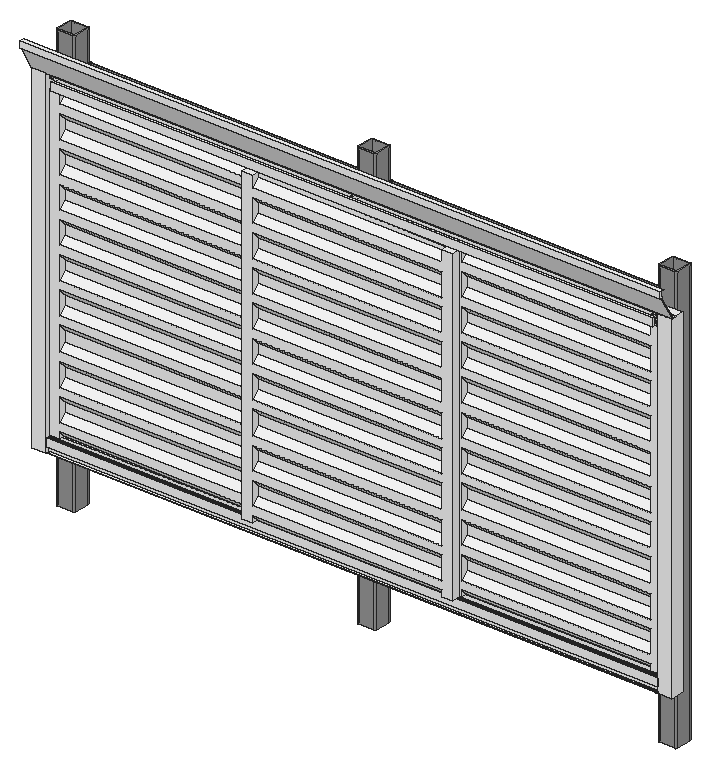
Revit family "Specialty_Equipment-Roof_Screen-Cityscapes-Envisor_4x4 Beam", category Specialty Equipment, Revit 2023
Family settings
  Round Connector Dimension = Use Diameter
  Part Type = Normal
  OmniClass Number = 23.40.10.14.14
  OmniClass Title = Manufactured Exterior Specialties
  Enable Cutting in Views = No
  Cut with Voids When Loaded = No
  Maintain Annotation Orientation = No
  Shared = No
  Room Calculation Point = No
Parameters (values of type "Envisor - 4x4 Beams")
  URL = "https://cityscapesinc.com"
  Type Comments = "ACRYLICAP ABS INFILLS"  # constant formula
  Model = if(CD_Panel 7.2 Rib, "Envisor with 7.2 Rib Panels", if(CD_Panel Batten, "Envisor with Batten Panels", if(CD_Panel Brick, "Envisor with Brick Panels", if(CD_Panel Flat, "Envisor with Flat Panels", if(CD_Panel Horizontal Rib, "Envisor with Horizontal Panels", if(CD_Panel Louver, "Envisor with Louver Panels", if(CD_Panel Vertical Rib, "Envisor with Vertical Rib Panels", "Envisor System")))))))  # "Envisor with 7.2 Rib Panels"
  Manufacturer = "Cityscapes Incorporated"  # constant formula
  built-in parameter 1001306 [instance] = 150.000"
  Description = "Envisor Screening Systems"  # constant formula
  Default Elevation = 0.000"  # constant formula
  CD_Vertical Beam Spacing [instance] = if(((CD_Length - 2.250") / CD_Number of Vertical Beams) > 96.000", 96.000", ((CD_Length - 2.250") / CD_Number of Vertical Beams))  # 64.375"
  CD_Trim Style = Cityscapes-Trims : Alamo Trim
  CD_Trim Lineal Band = Cityscapes-Trims : Lineal Band Trim
  CD_Trim Height [instance] = if(CD_Trim Style = CD_Trim 2 Step, 5.500", if(CD_Trim Style = CD_Trim 3 Step, 8.000", if(CD_Trim Style = CD_Trim Alamo, 6.500", if(CD_Trim Style = CD_Trim Cove, 6.500", 0.000"))))  # 6.500"
  CD_Trim Cove = Cityscapes-Trims : Cove Trim
  CD_Trim Alamo = Cityscapes-Trims : Alamo Trim
  CD_Trim 3 Step = Cityscapes-Trims : 3 Step Trim
  CD_Trim 2 Step = Cityscapes-Trims : 2 Step Trim
  CD_Support Offset = 40.063"  # constant formula
  CD_Support Height = CD_Panel Height + 2.520"  # 72.520"
  CD_Right Trim Offset [instance] = if(and(CD_Right Corner, CD_Trim Style = CD_Trim 2 Step), 4.386", if(and(CD_Right Corner, CD_Trim Style = CD_Trim 3 Step), 5.136", if(and(CD_Right Corner, CD_Trim Style = CD_Trim Alamo), 6.101", if(and(CD_Right Corner, CD_Trim Style = CD_Trim Cove), 6.851", if(and(CD_Right Corner, CD_Trim Style = CD_Trim Lineal Band), 3.636", 2.950")))))  # 2.950"
  CD_Right Track Offset [instance] = if(CD_Right Corner, 3.000", 0.000")  # 0.000"
  CD_Right Post Offset [instance] = if(or(CD_Right Corner, CD_Left Corner), CD_Trim Height, 0.000")  # 0.000"
  CD_Right Post Base Offset [instance] = if(CD_Right Corner, 2.855", 0.000")  # 0.000"
  CD_Right Corner [instance] = no
  CD_Right Beam [instance] = not(CD_Right Corner)  # yes
  CD_Requested Length [instance] = [built-in parameter 1001306]  # 150.000"
  CD_Product Page URL = "https://cityscapesinc.com/products/envisor"
  CD_Product Documentation Link = "https://9415688.fs1.hubspotusercontent-na1.net/hubfs/9415688/Envisor-Brochure-web-20220428.pdf"
  CD_Panel Vertical Rib = no
  CD_Panel Louver = no
  CD_Panel Horizontal Rib = no
  CD_Panel Flat = no
  CD_Panel Brick = no
  CD_Panel Batten = no
  CD_Panel 7.2 Rib = yes
  CD_Panel Spacing [instance] = (((CD_Number of Panels * 45.000") - ((CD_Number of Panels - 1) * 3.000"))) / CD_Number of Panels  # 43.000"
  CD_Panel Height = if([18in Panel Height], 18.000", if([35in Panel Height], 35.000", if([52in Panel Height], 52.000", 70.000")))  # 70.000"
  CD_Odd Panel Single Vis [instance] = CD_Number of Odd Panels = 1  # no
  CD_Odd Panel Array Vis [instance] = CD_Number of Odd Panels > 1  # yes
  CD_Number of Vertical Beams Array [instance] = if((CD_Number of Vertical Beams - 1) < 2, 2, (CD_Number of Vertical Beams - 1))  # 2
  CD_Number of Vertical Beams [instance] = roundup((((CD_Length - 2.250") / 96.000")))  # 2
  CD_Number of Panels [instance] = rounddown(CD_Requested Length / 45.000")  # 3
  CD_Number of Odd Panels [instance] = (CD_Number of Panels / 2)  # 2
  CD_Number of Horizontal Beams Array [instance] = if((CD_Number of Vertical Beams - 2) < 2, 2, (CD_Number of Vertical Beams - 2))  # 2
  CD_Number of Even Panels [instance] = CD_Number of Panels - CD_Number of Odd Panels  # 1
  CD_Microsite = "https://www.caddetails.com/2907"
  CD_Length [instance] = (CD_Number of Panels * 45.000") - ((CD_Number of Panels - 1) * 3.000") + CD_Calc  # 131.000"
  CD_Left Trim Offset [instance] = if(and(CD_Left Corner, CD_Trim Style = CD_Trim 2 Step), 4.386", if(and(CD_Left Corner, CD_Trim Style = CD_Trim 3 Step), 5.136", if(and(CD_Left Corner, CD_Trim Style = CD_Trim Alamo), 6.101", if(and(CD_Left Corner, CD_Trim Style = CD_Trim Cove), 6.851", if(and(CD_Left Corner, CD_Trim Style = CD_Trim Lineal Band), 3.636", 2.950")))))  # 2.950"
  CD_Left Track Offset [instance] = if(CD_Left Corner, 3.000", 0.000")  # 0.000"
  CD_Left Post Offset [instance] = if(or(CD_Right Corner, CD_Left Corner), CD_Trim Height, 0.000")  # 0.000"
  CD_Left Post Base Offset [instance] = if(CD_Left Corner, 2.855", 0.000")  # 0.000"
  CD_Left Corner [instance] = no
  CD_Left Beam [instance] = not(CD_Left Corner)  # yes
  CD_Horizontal Beams [instance] = yes
  CD_Horizontal Beam Final [instance] = if(and(CD_Horizontal Beams, CD_Number of Vertical Beams > 2, CD_Number of Horizontal Beams Array > 1), 1 = 1, 1 = 0)  # no
  CD_Height [instance] = CD_Panel Height + CD_Trim Height + CD_Curb Height + 2.773"  # 91.273"
  CD_Finish Trim = Plastic-Cityscapes-ABS-Alabaster
  CD_Finish Beam = Steel, Galvanized
  CD_Finish = Plastic-Cityscapes-ABS-Alabaster
  CD_Even Panel Single Vis [instance] = CD_Number of Even Panels = 1  # yes
  CD_Even Panel Array Vis [instance] = CD_Number of Even Panels > 1  # no
  CD_Depth = 3.60156"  # constant formula
  CD_Curb Height = 12.000"
  CD_Created By = "CADdetails Ltd. 2024"  # constant formula
  CD_Corner Brace Offset = CD_Curb Height + 0.125"  # 12.125"
  CD_Connection Point Visibility [instance] = yes
  CD_Calc [instance] = ((CD_Number of Panels - 1) * 3.000") / CD_Number of Panels  # 2.000"
  CD_Beam Array [instance] = if(CD_Number of Vertical Beams > 2, 1 = 1, 1 = 0)  # no
  CD_Acutal Number of Odd Panels [instance] = if(CD_Number of Odd Panels > 1, CD_Number of Odd Panels, 2)  # 2
  CD_Acutal Number of Even Panels [instance] = if(CD_Number of Even Panels > 1, CD_Number of Even Panels, 2)  # 2
  CD_3 Beam Horizontal [instance] = if(and(CD_3 Beam, CD_Horizontal Beams), 1 = 1, 1 = 0)  # yes
  CD_3 Beam [instance] = if(CD_Number of Vertical Beams = 2, 1 = 1, 1 = 0)  # yes
  Assembly Code = "E1010900"
  70in Panel Height = yes
  52in Panel Height = not(or([35in Panel Height], [18in Panel Height], [70in Panel Height]))  # no
  35in Panel Height = no
  18in Panel Height = no
Reference planes (in)
  plane 1 "Center (Front/Back)": y = 0
  plane 2 "Bottom": z = 0
  plane 3 "Left": x = 0
  plane 4 "Right": x = 150
  plane 5 "Back": y = 1.80078
  plane 6 "Front": y = -1.80078
  plane 7 "Top Sweep": z = 84.773
  plane 8 "Requested Length": x = 131
  plane 9 "Bottom Sweep": z = 12
  plane 10 "Top": z = 91.273
  plane 11 "Bottom Panel": z = 13.38504
  plane 12 "Top Panel": z = 83.38796
  plane 13: y = 1.46953
  plane 14: y = -0.63047
  plane 15: x = 43
  plane 16: x = 86
  plane 17: x = 129
  plane 18 "Top2": x = 131
  plane 19 "Top3": x = 0
  plane 20: x = 40.063
  plane 21: x = 90.937
  plane 22: y = -0.36386
  plane 23 "Top6": z = 12.12504
  plane 24 "Top12": x = 133.95
  plane 25 "Top13": x = -2.95
  plane 26 "beam 2": x = 65.5
  plane 27 "F beam": y = 2.65078
  plane 28 "cl beam": y = 4.65078
  plane 29 "beam 1": x = 1.125
  plane 30 "beam right": x = 129.875
  plane 31 "beam 3": x = 129.875
Forms (in)
  Extrusion 1, void
    sketch origin (0, 0, 0) x (1, 0, 0) y (0, 1, 0)
      loop
        line (0, 1.80078) -> (-5.12652, 1.80078) -> (-5.12652, -3.32574) -> (0, 1.80078)
      loop
        line (131, 1.80078) -> (136.12652, -3.32574) -> (136.12652, 1.80078) -> (131, 1.80078)
    from 0 to 92.93402
  Extrusion 2, solid, material "Plastic-Cityscapes-ABS-Alabaster" <- "CD_Finish"
    sketch origin (0, 0, 0) x (1, 0, 0) y (0, 1, 0)
      loop
        line (131, -1.14922) -> (133.95, -1.14922) -> (133.95, 1.80078) -> (131, 1.80078) -> (131, -1.14922)
    from 12 to 84.773
  Extrusion 3, solid, material "Plastic-Cityscapes-ABS-Alabaster" <- "CD_Finish"
    sketch origin (0, 0, 84.773) x (-1, 0, 0) y (0, -1, 0)
      loop
        line (0, 1.14922) -> (0, -1.80078) -> (2.95, -1.80078) -> (2.95, 1.14922) -> (0, 1.14922)
    from -72.773 to 0
Lines and regions (in)
  reference lines
    curve 1: line (0, 0, 0) -> (150, 0, 0)
    curve 2: line (0, 2.65078, -3.58594) -> (0, -0.34922, -3.58594)
    curve 3: line (0, -0.34922, -3.58594) -> (0, -0.34922, -3.83594)
Dimensions and locks (in)
  "built-in parameter 1001306": plane 3 "Left" to plane 4 "Right"
  equal spacing: plane 6 "Front", plane 1 "Center (Front/Back)", plane 5 "Back"
  "CD_Depth": plane 6 "Front" to plane 5 "Back"
  "CD_Height": plane 10 "Top" to level
  "CD_Length": plane 3 "Left" to plane 8 "Requested Length"
  level to plane 9 "Bottom Sweep" = 12.000"
  "CD_Trim Height": plane 10 "Top" to plane 7 "Top Sweep"
  "CD_Curb Height": plane 9 "Bottom Sweep" to level
  locked: plane 11 "Bottom Panel" to plane 9 "Bottom Sweep" at 1.38504
  locked: plane 7 "Top Sweep" to plane 12 "Top Panel" at 1.38504
  group 1 to group 2 = 86.000"
  group 1 to group 2 = 0.000"  (x2)
  group 3 to group 4 = 86.000"
  group 3 to group 4 = 0.000"  (x2)
  "CD_Panel Spacing": plane 3 "Left" to plane 15
  "CD_Panel Spacing": plane 15 to plane 16
  "CD_Panel Spacing": plane 16 to plane 17
  "CD_Left Track Offset": plane 19 "Top3" to plane 3 "Left"
  "CD_Right Track Offset": plane 8 "Requested Length" to plane 18 "Top2"
  Extrusion 1 sketch curve to plane 3 "Left" to Extrusion 1 sketch curve = 5.12652" locked, 0.000" locked
  locked: Extrusion 1 sketch curve to plane 5 "Back" at 5.12652  (x2)
  plane 8 "Requested Length" to Extrusion 1 sketch curve to Extrusion 1 sketch curve = 0.000" locked, 5.12652" locked
  locked: Extrusion 1 to plane 10 "Top" at 1.66102
  "CD_Right Post Base Offset": Extrusion 2 to plane 9 "Bottom Sweep"
  locked: plane 8 "Requested Length" to Extrusion 2 sketch curve at 2.95
  locked: Extrusion 2 sketch curve to plane 5 "Back" at 2.95
  locked: plane 1 "Center (Front/Back)" to plane 22 at 0.36386
  locked: plane 9 "Bottom Sweep" to plane 23 "Top6" at 0.12504
  "CD_Support Offset": plane 21 to plane 18 "Top2"
  "CD_Support Offset": plane 19 "Top3" to plane 20
  locked: Extrusion 3 sketch curve to plane 5 "Back" at 2.95
  locked: Extrusion 3 sketch curve to plane 3 "Left" at 2.95
  "CD_Left Post Base Offset": Extrusion 3 to plane 9 "Bottom Sweep"
  locked: plane 1 "Center (Front/Back)" to nested 7 at 0.17511
  "CD_Right Trim Offset": plane 8 "Requested Length" to plane 24 "Top12"
  "CD_Left Trim Offset": plane 25 "Top13" to plane 3 "Left"
  plane 28 "cl beam" to plane 27 "F beam" to plane 5 "Back" = 2.000" locked, 0.850"
  locked: plane 3 "Left" to plane 29 "beam 1" at 1.125
  "CD_Vertical Beam Spacing": plane 29 "beam 1" to plane 26 "beam 2"
  locked: plane 30 "beam right" to plane 8 "Requested Length" at 1.125
  "CD_Vertical Beam Spacing": plane 26 "beam 2" to plane 31 "beam 3"
  group 5 to group 6 = 64.375"
  group 5 to group 6 = 0.000"  (x2)
  group 7 to group 8 = 64.375"
  group 7 to group 8 = 0.000"  (x2)
  aligned and locked: plane 4 "Right" to curve 1
  aligned and locked: plane 1 "Center (Front/Back)" to curve 1
  aligned and locked: plane 3 "Left" to curve 1
  aligned and locked: level to plane 2 "Bottom"
  aligned and locked: nested 2 to plane 11 "Bottom Panel"
  aligned and locked: nested 1 to plane 11 "Bottom Panel"
  aligned and locked: nested 1 to plane 13
  aligned and locked: nested 3 to plane 13
  aligned and locked: nested 5 to plane 13
  aligned and locked: nested 2 to plane 14
  aligned and locked: nested 4 to plane 14
  aligned and locked: nested 6 to plane 14
  aligned and locked: plane 3 "Left" to nested 3
  aligned and locked: plane 15 to nested 2
  aligned and locked: plane 16 to nested 5
  aligned and locked: nested 4 to plane 15
  aligned and locked: nested 6 to plane 17
  aligned and locked: plane 3 "Left" to nested 1
  aligned and locked: plane 5 "Back" to Extrusion 1 sketch curve
  aligned and locked: Extrusion 1 sketch curve to plane 5 "Back"
  aligned and locked: Extrusion 1 to level
  aligned and locked: Extrusion 2 sketch curve to plane 8 "Requested Length"
  aligned and locked: plane 5 "Back" to Extrusion 2 sketch curve
  aligned and locked: Extrusion 3 sketch curve to plane 3 "Left"
  aligned and locked: Extrusion 3 sketch curve to plane 5 "Back"
  aligned and locked: plane 24 "Top12" to nested 7
  aligned and locked: plane 25 "Top13" to nested 7
  aligned and locked: nested 4 to plane 11 "Bottom Panel"
  aligned and locked: nested 6 to plane 11 "Bottom Panel"
  aligned and locked: nested 3 to plane 11 "Bottom Panel"
  aligned and locked: nested 5 to plane 11 "Bottom Panel"
  aligned and locked: plane 7 "Top Sweep" to Extrusion 2
  aligned and locked: plane 7 "Top Sweep" to Extrusion 3
  aligned and locked: nested 8 to plane 28 "cl beam"
  aligned and locked: plane 29 "beam 1" to nested 8
  aligned and locked: plane 30 "beam right" to nested 10
  aligned and locked: nested 10 to plane 28 "cl beam"
  aligned and locked: plane 26 "beam 2" to nested 9
  aligned and locked: nested 9 to plane 28 "cl beam"
  aligned and locked: plane 31 "beam 3" to nested 11
  aligned and locked: nested 11 to plane 28 "cl beam"
  aligned and locked: plane 26 "beam 2" to nested 12
  aligned and locked: nested 12 to plane 28 "cl beam"
  aligned and locked: plane 29 "beam 1" to nested 13
  aligned and locked: nested 13 to plane 28 "cl beam"
  aligned and locked: plane 26 "beam 2" to nested 14
  aligned and locked: nested 14 to plane 28 "cl beam"
  aligned and locked: plane 29 "beam 1" to nested 15
  aligned and locked: plane 30 "beam right" to nested 15
  aligned and locked: nested 15 to plane 28 "cl beam"
  aligned and locked: plane 30 "beam right" to nested 16
  aligned and locked: plane 28 "cl beam" to nested 16
  aligned and locked: nested 17 to plane 28 "cl beam"
  aligned and locked: plane 31 "beam 3" to nested 17
  aligned and locked: plane 26 "beam 2" to nested 18
  aligned and locked: nested 18 to plane 28 "cl beam"
Automatic sketch dimensions
  curve 2 to plane 27 "F beam" = 0.000"
  plane 22 to curve 3 = 0.01464"
  curve 3 to level = 3.83594"
  curve 3 to curve 3 = 0.250"
Nested families (in)
  nested 1: "Nested-Cityscapes-Panel-ABS" at (22.5, 0.59453, 13.38504), visible <- "CD_Odd Panel Single Vis", type "Panel"
    with CD_Height 70.000"
  nested 2: "Nested-Cityscapes-Panel-ABS" at (65.5, -1.50547, 13.38504), visible <- "CD_Even Panel Single Vis", type "Panel"
    with CD_Height 70.000"
  nested 3: "Nested-Cityscapes-Panel-ABS" at (22.5, 0.59453, 13.38504), visible <- "CD_Odd Panel Array Vis", type "Panel"
    with CD_Height 70.000"
  nested 4: "Nested-Cityscapes-Panel-ABS" at (65.5, -1.50547, 13.38504), visible <- "CD_Even Panel Array Vis", type "Panel"
    with CD_Height 70.000"
  nested 5: "Nested-Cityscapes-Panel-ABS" at (108.5, 0.59453, 13.38504), visible <- "CD_Odd Panel Array Vis", type "Panel"
    with CD_Height 70.000"
  nested 6: "Nested-Cityscapes-Panel-ABS" at (151.5, -1.50547, 13.38504), visible <- "CD_Even Panel Array Vis", type "Panel"
    with CD_Height 70.000"
  nested 7: "Cityscapes-Trims" at (-2.95, -0.17511, 84.773), type <- "CD_Trim Style", type "Alamo Trim"
    with built-in parameter 1001306 136.900"
  nested 8: "Nested-Cityscapes-4x4 Beam" at (1.125, 4.65078, 0), CD_Height <- "CD_Height", CD_Finish <- "CD_Finish Beam", CD_Trim Height <- "CD_Trim Height", CD_Curb Height <- "CD_Curb Height", visible <- "CD_Left Beam", type "4x4 Vertical Beam"
    with CD_Trim Height 6.500", CD_Height 91.273", CD_Finish Steel, Galvanized, CD_Curb Height 12.000"
  nested 9: "Nested-Cityscapes-4x4 Beam" at (65.5, 4.65078, 0), CD_Height <- "CD_Height", CD_Finish <- "CD_Finish Beam", CD_Trim Height <- "CD_Trim Height", CD_Curb Height <- "CD_Curb Height", visible <- "CD_Beam Array", type "4x4 Vertical Beam"
    with CD_Trim Height 6.500", CD_Height 91.273", CD_Finish Steel, Galvanized, CD_Curb Height 12.000"
  nested 10: "Nested-Cityscapes-4x4 Beam" at (129.875, 4.65078, 0), CD_Height <- "CD_Height", CD_Trim Height <- "CD_Trim Height", CD_Curb Height <- "CD_Curb Height", visible <- "CD_Right Beam", CD_Finish <- "CD_Finish Beam", type "4x4 Vertical Beam"
    with CD_Trim Height 6.500", CD_Height 91.273", CD_Finish Steel, Galvanized, CD_Curb Height 12.000"
  nested 11: "Nested-Cityscapes-4x4 Beam" at (129.875, 4.65078, 0), CD_Height <- "CD_Height", CD_Finish <- "CD_Finish Beam", CD_Trim Height <- "CD_Trim Height", CD_Curb Height <- "CD_Curb Height", visible <- "CD_Beam Array", type "4x4 Vertical Beam"
    with CD_Trim Height 6.500", CD_Height 91.273", CD_Finish Steel, Galvanized, CD_Curb Height 12.000"
  nested 12: "Nested-Cityscapes-4x4 Beam" at (65.5, 4.65078, 0), CD_Height <- "CD_Height", CD_Finish <- "CD_Finish Beam", CD_Trim Height <- "CD_Trim Height", CD_Curb Height <- "CD_Curb Height", visible <- "CD_3 Beam", type "4x4 Vertical Beam"
    with CD_Trim Height 6.500", CD_Height 91.273", CD_Finish Steel, Galvanized, CD_Curb Height 12.000"
  nested 13: "Nested-Cityscapes-4x4 Beam_Horizontal" at (1.125, 4.65078, 0), CD_Height <- "CD_Height", CD_Trim Height <- "CD_Trim Height", CD_Curb Height <- "CD_Curb Height", CD_Finish <- "CD_Finish Beam", CD_Width Mid <- "CD_Vertical Beam Spacing", visible <- "CD_Horizontal Beams", type "4x4 Horizontal Beam"
    with CD_Width Mid 64.375", CD_Trim Height 6.500", CD_Height 91.273", CD_Finish Steel, Galvanized, CD_Curb Height 12.000"
  nested 14: "Nested-Cityscapes-4x4 Beam_Horizontal" at (65.5, 4.65078, 0), CD_Height <- "CD_Height", CD_Trim Height <- "CD_Trim Height", CD_Curb Height <- "CD_Curb Height", CD_Finish <- "CD_Finish Beam", CD_Width Mid <- "CD_Vertical Beam Spacing", visible <- "CD_Beam Array", type "4x4 Horizontal Beam"
    with CD_Width Mid 64.375", CD_Trim Height 6.500", CD_Height 91.273", CD_Finish Steel, Galvanized, CD_Curb Height 12.000"
  nested 15: "Nested-Cityscapes-Rail" at (1.125, 4.65078, 0), CD_Height <- "CD_Height", CD_Trim Height <- "CD_Trim Height", CD_Curb Height <- "CD_Curb Height", CD_Finish <- "CD_Finish", type "4x4 Vertical Beam"
    with CD_Trim Height 6.500", CD_Length 128.750", CD_Height 91.273", CD_Finish Plastic-Cityscapes-ABS-Alabaster, CD_Curb Height 12.000"
  nested 16: "Nested-Cityscapes-4x4 Beam_Horizontal" at (129.875, 4.65078, 0) x (-1, 0, 0) z (0, 0, 1), CD_Height <- "CD_Height", CD_Trim Height <- "CD_Trim Height", CD_Curb Height <- "CD_Curb Height", CD_Finish <- "CD_Finish Beam", CD_Width Mid <- "CD_Vertical Beam Spacing", visible <- "CD_Horizontal Beam Final", type "4x4 Horizontal Beam"
    with CD_Width Mid 64.375", CD_Trim Height 6.500", CD_Height 91.273", CD_Finish Steel, Galvanized, CD_Curb Height 12.000"
  nested 17: "Nested-Cityscapes-4x4 Beam_Horizontal" at (129.875, 4.65078, 0), CD_Height <- "CD_Height", CD_Trim Height <- "CD_Trim Height", CD_Curb Height <- "CD_Curb Height", CD_Finish <- "CD_Finish Beam", CD_Width Mid <- "CD_Vertical Beam Spacing", visible <- "CD_Beam Array", type "4x4 Horizontal Beam"
    with CD_Width Mid 64.375", CD_Trim Height 6.500", CD_Height 91.273", CD_Finish Steel, Galvanized, CD_Curb Height 12.000"
  nested 18: "Nested-Cityscapes-4x4 Beam_Horizontal" at (65.5, 4.65078, 0), CD_Height <- "CD_Height", CD_Trim Height <- "CD_Trim Height", CD_Curb Height <- "CD_Curb Height", CD_Finish <- "CD_Finish Beam", CD_Width Mid <- "CD_Vertical Beam Spacing", visible <- "CD_3 Beam Horizontal", type "4x4 Horizontal Beam"
    with CD_Width Mid 64.375", CD_Trim Height 6.500", CD_Height 91.273", CD_Finish Steel, Galvanized, CD_Curb Height 12.000"
Definition of nested family "Nested-Cityscapes-Panel-ABS"
  Parameters (values of type "7.2 Rib")
    URL = "https://cityscapesinc.com"
    Type Comments = "For use with Envisor Models Only"  # constant formula
    Model = "Envisor ABS Panels"  # constant formula
    Manufacturer = "Cintyscapes Incorporated"  # constant formula
    Description = "General Description of Product"  # constant formula
    Default Elevation = 0.000"
    CD_Width = 45.000"
    CD_Vertical Rib Offset = if(CD_Vertical Rib, 0.000", 6.000")  # 6.000"
    CD_Vertical Rib = no
    CD_Side Void Offset = 2.250"
    CD_Offset Side = 0.000"
    CD_Offset Top and Bottom = 1.750"
    CD_Louver Offset = if(CD_Louver, 0.000", 6.000")  # 6.000"
    CD_Louver = no
    CD_Horizontal Rib Offset = if(CD_Horizontal Rib, 0.000", 6.000")  # 6.000"
    CD_Horizontal Rib = no
    CD_Height = 35.000"
    CD_Flat Pan = no
    CD_Finish = none
    CD_Depth = 1.750"
    CD_Brick = no
    CD_Batten Offset = if(CD_Batten, 0.000", 6.000")  # 6.000"
    CD_Batten = no
    CD_7.2 Rib = yes
    CD_7.2 Horizontal Offset = if(CD_7.2 Rib, 0.000", 6.000")  # 0.000"
    Assembly Code = ""
  Types (7): name | CD_Side Void Offset | CD_Offset Side | CD_Louver Offset | CD_Louver | CD_Horizontal Rib Offset | CD_Horizontal Rib | CD_Flat Pan | CD_Brick | CD_Batten Offset | CD_Batten | CD_7.2 Rib | CD_7.2 Horizontal Offset
    7.2 Rib | 2.250" | 0.000" | 6.000" | no | 6.000" | no | no | no | 6.000" | no | yes | 0.000"
    Batten | 2.250" | 0.000" | 6.000" | no | 6.000" | no | no | no | 0.000" | yes | no | 6.000"
    Horizontal Rib | 2.250" | 0.000" | 6.000" | no | 0.000" | yes | no | no | 6.000" | no | no | 6.000"
    Lover | 2.250" | 0.000" | 0.000" | yes | 6.000" | no | no | no | 6.000" | no | no | 6.000"
    Vertical Rib | 1.500" | 0.750" | 0.000" | yes | 6.000" | no | no | no | 6.000" | no | no | 6.000"
    Brick | 2.250" | 0.000" | 6.000" | no | 6.000" | no | no | yes | 6.000" | no | no | 6.000"
    Flat Pan | 2.250" | 0.000" | 6.000" | no | 6.000" | no | yes | no | 6.000" | no | no | 6.000"
  Reference planes (in)
    plane 1 "Center (Front/Back)": y = 0
    plane 2 "Bottom": z = 0
    plane 3 "Center (Left/Right)": x = 0
    plane 4 "Top": z = 35
    plane 5 "Left": x = -22.5
    plane 6 "Right": x = 22.5
    plane 7 "Back": y = 0.875
    plane 8 "Front": y = -0.875
    plane 9: z = 33.25
    plane 10: x = -22.5
    plane 11: x = 22.5
    plane 12 "Horizontal Rib": y = -6.875
    plane 13 "7.2 Horizontal": y = -0.875
    plane 14 "Vertical Rib": y = -6.875
    plane 15 "Battens": y = -6.875
    plane 16 "Louver": y = -6.875
    plane 17: z = -3.48401
    plane 18: z = 1.75
    plane 19: x = -20.25
    plane 20: x = 20.25
  Forms (in)
    Extrusion 1, solid, material <- "CD_Finish"
      sketch origin (0, -9.9383, 0) x (0, 1, 0) y (0, 0, 1)
        loop
          line (10.8133, 35) -> (9.0633, 35) -> (9.0633, 0) -> (10.8133, 0) -> (10.8133, 35)
      from -22.5 to 22.5
    Extrusion 2, void
      sketch origin (0, -57.21126, 0.03125) x (0, 1, 0) y (0, 0, 1)
        loop
          line (50.33626, 72.32946) -> (48.40965, 72.32946) -> (48.40965, -3.51526) -> (51.75047, -3.51526) -> (51.75047, 1.78015) -> (50.33626, 1.92879) -> (50.33626, 2.42879) -> (51.75047, 3.843) -> (51.75047, 4.90515) -> (50.33626, 5.05379) -> (50.33626, 5.55379) -> (51.75047, 6.968) -> (51.75047, 7.83813) -> (50.33626, 7.98677) -> (50.33626, 8.48677) -> (51.75047, 9.90098) -> (51.75047, 10.77112) -> (50.33626, 10.91976) -> (50.33626, 11.41976) -> (51.75047, 12.83397) -> (51.75047, 13.7041) -> (50.33626, 13.85274) -> (50.33626, 14.35274) -> (51.75047, 15.76696) -> (51.75047, 16.63709) -> (50.33626, 16.78573) -> (50.33626, 17.28573) -> (51.75047, 18.69994) -> (51.75047, 19.57007) -> (50.33626, 19.71871) -> (50.33626, 20.21871) -> (51.75047, 21.63293) -> (51.75047, 22.50306) -> (50.33626, 22.6517) -> (50.33626, 23.1517) -> (51.75047, 24.56591) -> (51.75047, 25.43604) -> (50.33626, 25.58468) -> (50.33626, 26.08468) -> (51.75047, 27.4989) -> (51.75047, 28.36903) -> (50.33626, 28.51767) -> (50.33626, 29.01767) -> (51.75047, 30.43188) -> (51.75047, 31.30201) -> (50.33626, 31.45065) -> (50.33626, 31.95065) -> (51.75047, 33.36487) -> (51.75047, 34.235) -> (50.33626, 34.38364) -> (50.33626, 34.88364) -> (51.75047, 36.29785) -> (51.75047, 37.16798) -> (50.33626, 37.31662) -> (50.33626, 37.81662) -> (51.75047, 39.23084) -> (51.75047, 40.10097) -> (50.33626, 40.24961) -> (50.33626, 40.74961) -> (51.75047, 42.16382) -> (51.75047, 43.03395) -> (50.33626, 43.18259) -> (50.33626, 43.68259) -> (51.75047, 45.09681) -> (51.75047, 45.96694) -> (50.33626, 46.11558) -> (50.33626, 46.61558) -> (51.75047, 48.02979) -> (51.75047, 48.89992) -> (50.33626, 49.04856) -> (50.33626, 49.54856) -> (51.75047, 50.96278) -> (51.75047, 51.83291) -> (50.33626, 51.98155) -> (50.33626, 52.48155) -> (51.75047, 53.89576) -> (51.75047, 54.76589) -> (50.33626, 54.91453) -> (50.33626, 55.41453) -> (51.75047, 56.82875) -> (51.75047, 57.69888) -> (50.33626, 57.84752) -> (50.33626, 58.34752) -> (51.75047, 59.76173) -> (51.75047, 60.63186) -> (50.33626, 60.7805) -> (50.33626, 61.2805) -> (51.75047, 62.69472) -> (51.75047, 63.56485) -> (50.33626, 63.71349) -> (50.33626, 64.21349) -> (51.75047, 65.6277) -> (51.75047, 66.49783) -> (50.33626, 66.64647) -> (50.33626, 67.14647) -> (51.75047, 68.56069) -> (51.75047, 69.43082) -> (50.33626, 69.57946) -> (50.33626, 72.32946)
      from -20.25 to 20.25
    Extrusion 3, void
      sketch origin (0, -20.25, 0) x (0, 1, 0) y (0, 0, 1)
        loop
          line (14.94839, 29.51748) -> (13.375, 29.93907) -> (13.375, 32.56554) -> (14.94839, 32.98713) -> (14.94839, 35.01748) -> (13.375, 35.43907) -> (13.375, 38.06554) -> (14.94839, 38.48713) -> (14.94839, 40.51748) -> (13.375, 40.93907) -> (13.375, 43.56554) -> (14.94839, 43.98713) -> (14.94839, 46.01748) -> (13.375, 46.43907) -> (13.375, 49.06554) -> (14.94839, 49.48713) -> (14.94839, 51.51748) -> (13.375, 51.93907) -> (13.375, 54.56554) -> (14.94839, 54.98713) -> (14.94839, 57.01748) -> (13.375, 57.43907) -> (13.375, 60.06554) -> (14.94839, 60.48713) -> (14.94839, 62.51748) -> (13.375, 62.93907) -> (13.375, 65.56554) -> (14.94839, 65.98713) -> (14.94839, 68.01748) -> (13.375, 68.43907) -> (13.375, 70) -> (14.94839, 70.42159) -> (14.94839, 72.45194) -> (13.375, 72.87353) -> (13.375, 74.43446) -> (14.94839, 74.85605) -> (14.94839, 76.8864) -> (13.375, 77.30799) -> (13.375, 80.30799) -> (11.44839, 80.30799) -> (11.44839, -3.48401) -> (14.94839, -3.48401) -> (14.94839, 2.01748) -> (13.375, 2.43907) -> (13.375, 5.06554) -> (14.94839, 5.48713) -> (14.94839, 7.51748) -> (13.375, 7.93907) -> (13.375, 10.56554) -> (14.94839, 10.98713) -> (14.94839, 13.01748) -> (13.375, 13.43907) -> (13.375, 16.06554) -> (14.94839, 16.48713) -> (14.94839, 18.51748) -> (13.375, 18.93907) -> (13.375, 21.56554) -> (14.94839, 21.98713) -> (14.94839, 24.01748) -> (13.375, 24.43907) -> (13.375, 27.06554) -> (14.94839, 27.48713) -> (14.94839, 29.51748)
      from -20.25 to 20.25
    Extrusion 4, void
      sketch origin (0, -31.2985, 0) x (0, 1, 0) y (0, 0, 1)
        loop
          line (31.83772, 74.01585) -> (28.75976, 74.01585) -> (28.75976, -3.48401) -> (31.72824, -3.48401) -> (31.72824, 1.62146) -> (30.4235, 3.02062) -> (30.4235, 4.85164) -> (31.83772, 6.26585) -> (31.83772, 8.25406) -> (30.4235, 9.77062) -> (30.4235, 11.60164) -> (31.83772, 13.01585) -> (31.83772, 15.00406) -> (30.4235, 16.52062) -> (30.4235, 18.35164) -> (31.83772, 19.76585) -> (31.83772, 22.00406) -> (30.4235, 23.52062) -> (30.4235, 25.35164) -> (31.83772, 26.76585) -> (31.83772, 28.75406) -> (30.4235, 30.27062) -> (30.4235, 32.10164) -> (31.83772, 33.51585) -> (31.83772, 35.50406) -> (30.4235, 37.02062) -> (30.4235, 38.85164) -> (31.83772, 40.26585) -> (31.83772, 42.25406) -> (30.4235, 43.77062) -> (30.4235, 45.60164) -> (31.83772, 47.01585) -> (31.83772, 49.00406) -> (30.4235, 50.52062) -> (30.4235, 52.35164) -> (31.83772, 53.76585) -> (31.83772, 55.75406) -> (30.4235, 57.27062) -> (30.4235, 59.10164) -> (31.83772, 60.51585) -> (31.83772, 62.50406) -> (30.4235, 64.02062) -> (30.4235, 65.85164) -> (31.83772, 67.26585) -> (31.83772, 69.25406) -> (30.4235, 70.77062) -> (30.4235, 72.60164) -> (31.83772, 74.01585)
      from -20.25 to 20.25
    Extrusion 5, void
      sketch origin (25.5, -4.5, 18.75) x (0, 1, 0) y (-1, 0, 0)
        loop
          line (-0.8069, 29.51748) -> (-2.375, 29.93765) -> (-2.375, 32.56696) -> (-0.8069, 32.98713) -> (-0.8069, 35.01748) -> (-2.375, 35.43765) -> (-2.375, 38.06696) -> (-0.8069, 38.48713) -> (-0.8069, 40.51748) -> (-2.375, 40.93765) -> (-2.375, 43.56696) -> (-0.8069, 43.98713) -> (-0.8069, 46.01748) -> (-2.375, 46.43765) -> (-2.375, 48) -> (-4.3069, 48) -> (-4.3069, 3) -> (-2.375, 3) -> (-2.375, 5.06696) -> (-0.8069, 5.48713) -> (-0.8069, 7.51748) -> (-2.375, 7.93765) -> (-2.375, 10.56696) -> (-0.8069, 10.98713) -> (-0.8069, 13.01748) -> (-2.375, 13.43765) -> (-2.375, 16.06696) -> (-0.8069, 16.48713) -> (-0.8069, 18.51748) -> (-2.375, 18.93765) -> (-2.375, 21.56696) -> (-0.8069, 21.98713) -> (-0.8069, 24.01748) -> (-2.375, 24.43765) -> (-2.375, 27.06696) -> (-0.8069, 27.48713) -> (-0.8069, 29.51748)
      from -18.75 to 16.25
    Extrusion 6, void
      sketch origin (25.5, -13.75, 18.75) x (0, 1, 0) y (-1, 0, 0)
        loop
          line (6.875, 48) -> (4.9431, 48) -> (4.9431, 3) -> (6.875, 3) -> (6.875, 4.25) -> (8.4431, 4.25) -> (8.4431, 13.75) -> (6.875, 13.75) -> (6.875, 15.25) -> (8.4431, 15.25) -> (8.4431, 24.75) -> (6.875, 24.75) -> (6.875, 26.25) -> (8.4431, 26.25) -> (8.4431, 35.5) -> (6.875, 35.5) -> (6.875, 37) -> (8.4431, 37) -> (8.4431, 46.75) -> (6.875, 46.75) -> (6.875, 48)
      from -17 to 14.5
    Extrusion 7, void
      sketch origin (0, -2.25, 0) x (0, 1, 0) y (0, 0, 1)
        loop
          line (2.9431, 33.25) -> (2.9431, 35.125) -> (1.375, 35.125) -> (1.375, 33.25) -> (2.9431, 33.25)
        loop
          line (2.9431, 1.75) -> (1.375, 1.75) -> (1.375, -0.125) -> (2.9431, -0.125) -> (2.9431, 1.75)
      from -22.5 to 22.5
    Extrusion 8, void
      sketch origin (0, 0, 0) x (1, 0, 0) y (0, 1, 0)
        loop
          line (-22.625, -0.875) -> (-22.5, -0.875) -> (-22.5, 0.6931) -> (-22.625, 0.6931) -> (-22.625, -0.875)
        loop
          line (22.625, -0.875) -> (22.625, 0.6931) -> (22.5, 0.6931) -> (22.5, -0.875) -> (22.625, -0.875)
      from 0 to 35
  Cuts and joins
    Extrusion 2, Extrusion 3, Extrusion 4, Extrusion 5, Extrusion 6, Extrusion 7, Extrusion 8 cuts Extrusion 1
  Dimensions and locks (in)
    "CD_Height": plane 4 "Top" to plane 2 "Bottom"
    equal spacing: plane 5 "Left", plane 3 "Center (Left/Right)", plane 6 "Right"
    "CD_Width": plane 5 "Left" to plane 6 "Right"
    equal spacing: plane 8 "Front", plane 1 "Center (Front/Back)", plane 7 "Back"
    "CD_Depth": plane 8 "Front" to plane 7 "Back"
    "CD_Horizontal Rib Offset": plane 8 "Front" to plane 12 "Horizontal Rib"
    Extrusion 3 sketch curve to Extrusion 3 sketch curve to Extrusion 3 sketch curve to Extrusion 3 sketch curve to Extrusion 3 sketch curve to Extrusion 3 sketch curve to Extrusion 3 sketch curve to Extrusion 3 sketch curve to Extrusion 3 sketch curve to Extrusion 3 sketch curve to Extrusion 3 sketch curve to Extrusion 3 sketch curve to Extrusion 3 sketch curve to Extrusion 3 sketch curve to Extrusion 3 sketch curve to plane 12 "Horizontal Rib" to Extrusion 3 sketch curve to Extrusion 3 sketch curve to Extrusion 3 sketch curve to Extrusion 3 sketch curve to Extrusion 3 sketch curve to Extrusion 3 sketch curve to Extrusion 3 sketch curve to Extrusion 3 sketch curve to Extrusion 3 sketch curve to Extrusion 3 sketch curve to Extrusion 3 sketch curve to Extrusion 3 sketch curve to Extrusion 3 sketch curve to Extrusion 3 sketch curve to Extrusion 3 sketch curve to Extrusion 3 sketch curve = 0.000" locked, 0.000" locked, 0.000" locked, 0.000" locked, 0.000" locked, 0.000" locked, 0.000" locked, 0.000" locked, 0.000" locked, 0.000" locked, 0.000" locked, 0.000" locked, 0.000" locked, 0.000" locked, 1.57339" locked, 0.000" locked, 0.000" locked, 0.000" locked, 0.000" locked, 0.000" locked, 0.000" locked, 0.000" locked, 0.000" locked, 0.000" locked, 0.000" locked, 0.000" locked, 0.000" locked, 0.000" locked, 0.000" locked, 0.000" locked, 1.92661" locked
    Extrusion 3 sketch curve to Extrusion 3 sketch curve to Extrusion 3 sketch curve to Extrusion 3 sketch curve to Extrusion 3 sketch curve to Extrusion 3 sketch curve to Extrusion 3 sketch curve to Extrusion 3 sketch curve to Extrusion 3 sketch curve to Extrusion 3 sketch curve to Extrusion 3 sketch curve to Extrusion 3 sketch curve to Extrusion 3 sketch curve to Extrusion 3 sketch curve to Extrusion 3 sketch curve to Extrusion 3 sketch curve to Extrusion 3 sketch curve to Extrusion 3 sketch curve to Extrusion 3 sketch curve to Extrusion 3 sketch curve to Extrusion 3 sketch curve to Extrusion 3 sketch curve to Extrusion 3 sketch curve to Extrusion 3 sketch curve to Extrusion 3 sketch curve to Extrusion 3 sketch curve to Extrusion 3 sketch curve to Extrusion 3 sketch curve to Extrusion 3 sketch curve to Extrusion 3 sketch curve to Extrusion 3 sketch curve to Extrusion 3 sketch curve to Extrusion 3 sketch curve to Extrusion 3 sketch curve to Extrusion 3 sketch curve to Extrusion 3 sketch curve to Extrusion 3 sketch curve to Extrusion 3 sketch curve to Extrusion 3 sketch curve to Extrusion 3 sketch curve to Extrusion 3 sketch curve to Extrusion 3 sketch curve to Extrusion 3 sketch curve to Extrusion 3 sketch curve to Extrusion 3 sketch curve to Extrusion 3 sketch curve to Extrusion 3 sketch curve to Extrusion 3 sketch curve to Extrusion 3 sketch curve to Extrusion 3 sketch curve to Extrusion 3 sketch curve to Extrusion 3 sketch curve to Extrusion 3 sketch curve to Extrusion 3 sketch curve to Extrusion 3 sketch curve to Extrusion 3 sketch curve to Extrusion 3 sketch curve to Extrusion 3 sketch curve to Extrusion 3 sketch curve to plane 17 = 3.000" locked, 0.42159" locked, 2.03035" locked, 0.42159" locked, 1.56093" locked, 0.42159" locked, 2.03035" locked, 0.42159" locked, 1.56093" locked, 0.42159" locked, 2.03035" locked, 0.42159" locked, 2.62647" locked, 0.42159" locked, 2.03035" locked, 0.42159" locked, 2.62647" locked, 0.42159" locked, 2.03035" locked, 0.42159" locked, 2.62647" locked, 0.42159" locked, 2.03035" locked, 0.42159" locked, 2.62647" locked, 0.42159" locked, 2.03035" locked, 0.42159" locked, 2.62647" locked, 0.42159" locked, 2.03035" locked, 0.42159" locked, 2.62647" locked, 0.42159" locked, 2.03035" locked, 0.42159" locked, 2.62647" locked, 0.42159" locked, 2.03035" locked, 0.42159" locked, 2.62647" locked, 0.42159" locked, 2.03035" locked, 0.42159" locked, 2.62647" locked, 0.42159" locked, 2.03035" locked, 0.42159" locked, 2.62647" locked, 0.42159" locked, 2.03035" locked, 0.42159" locked, 2.62647" locked, 0.42159" locked, 2.03035" locked, 0.42159" locked, 2.62647" locked, 0.42159" locked, 5.50149" locked
    Extrusion 4 sketch curve to Extrusion 4 sketch curve to Extrusion 4 sketch curve to Extrusion 4 sketch curve to Extrusion 4 sketch curve to Extrusion 4 sketch curve to Extrusion 4 sketch curve to Extrusion 4 sketch curve to Extrusion 4 sketch curve to Extrusion 4 sketch curve to Extrusion 4 sketch curve to Extrusion 4 sketch curve to Extrusion 4 sketch curve to Extrusion 4 sketch curve to Extrusion 4 sketch curve to Extrusion 4 sketch curve to Extrusion 4 sketch curve to Extrusion 4 sketch curve to Extrusion 4 sketch curve to Extrusion 4 sketch curve to Extrusion 4 sketch curve to Extrusion 4 sketch curve to Extrusion 4 sketch curve to Extrusion 4 sketch curve to Extrusion 4 sketch curve to Extrusion 4 sketch curve to Extrusion 4 sketch curve to Extrusion 4 sketch curve to Extrusion 4 sketch curve to Extrusion 4 sketch curve to Extrusion 4 sketch curve to Extrusion 4 sketch curve to Extrusion 4 sketch curve to Extrusion 4 sketch curve to Extrusion 4 sketch curve to Extrusion 4 sketch curve to Extrusion 4 sketch curve to Extrusion 4 sketch curve to Extrusion 4 sketch curve to Extrusion 4 sketch curve to Extrusion 4 sketch curve to Extrusion 4 sketch curve to Extrusion 4 sketch curve to Extrusion 4 sketch curve to plane 17 = 1.41421" locked, 1.83102" locked, 1.51656" locked, 1.98821" locked, 1.41421" locked, 1.83102" locked, 1.51656" locked, 1.98821" locked, 1.41421" locked, 1.83102" locked, 1.51656" locked, 1.98821" locked, 1.41421" locked, 1.83102" locked, 1.51656" locked, 1.98821" locked, 1.41421" locked, 1.83102" locked, 1.51656" locked, 1.98821" locked, 1.41421" locked, 1.83102" locked, 1.51656" locked, 1.98821" locked, 1.41421" locked, 1.83102" locked, 1.51656" locked, 1.98821" locked, 1.41421" locked, 1.83102" locked, 1.51656" locked, 2.23821" locked, 1.41421" locked, 1.83102" locked, 1.51656" locked, 1.98821" locked, 1.41421" locked, 1.83102" locked, 1.51656" locked, 1.98821" locked, 1.41421" locked, 1.83102" locked, 1.39916" locked, 5.10546" locked
    Extrusion 4 sketch curve to Extrusion 4 sketch curve to Extrusion 4 sketch curve to Extrusion 4 sketch curve to Extrusion 4 sketch curve to Extrusion 4 sketch curve to Extrusion 4 sketch curve to Extrusion 4 sketch curve to Extrusion 4 sketch curve to Extrusion 4 sketch curve to Extrusion 4 sketch curve to Extrusion 4 sketch curve to plane 13 "7.2 Horizontal" to Extrusion 4 sketch curve to Extrusion 4 sketch curve to Extrusion 4 sketch curve to Extrusion 4 sketch curve to Extrusion 4 sketch curve to Extrusion 4 sketch curve to Extrusion 4 sketch curve to Extrusion 4 sketch curve to Extrusion 4 sketch curve to Extrusion 4 sketch curve to Extrusion 4 sketch curve to Extrusion 4 sketch curve = 0.000" locked, 0.000" locked, 0.000" locked, 0.000" locked, 0.000" locked, 0.000" locked, 0.000" locked, 0.000" locked, 0.000" locked, 0.000" locked, 0.10948" locked, 1.30474" locked, 0.000" locked, 0.000" locked, 0.000" locked, 0.000" locked, 0.000" locked, 0.000" locked, 0.000" locked, 0.000" locked, 0.000" locked, 0.000" locked, 0.000" locked, 1.66374" locked
    Extrusion 2 sketch curve to Extrusion 2 sketch curve to Extrusion 2 sketch curve to Extrusion 2 sketch curve to Extrusion 2 sketch curve to Extrusion 2 sketch curve to Extrusion 2 sketch curve to Extrusion 2 sketch curve to Extrusion 2 sketch curve to Extrusion 2 sketch curve to Extrusion 2 sketch curve to Extrusion 2 sketch curve to Extrusion 2 sketch curve to Extrusion 2 sketch curve to Extrusion 2 sketch curve to Extrusion 2 sketch curve to Extrusion 2 sketch curve to Extrusion 2 sketch curve to Extrusion 2 sketch curve to Extrusion 2 sketch curve to Extrusion 2 sketch curve to Extrusion 2 sketch curve to Extrusion 2 sketch curve to Extrusion 2 sketch curve to Extrusion 2 sketch curve to Extrusion 2 sketch curve to Extrusion 2 sketch curve to Extrusion 2 sketch curve to Extrusion 2 sketch curve to Extrusion 2 sketch curve to Extrusion 2 sketch curve to Extrusion 2 sketch curve to Extrusion 2 sketch curve to Extrusion 2 sketch curve to Extrusion 2 sketch curve to Extrusion 2 sketch curve to Extrusion 2 sketch curve to Extrusion 2 sketch curve to Extrusion 2 sketch curve to Extrusion 2 sketch curve to Extrusion 2 sketch curve to Extrusion 2 sketch curve to Extrusion 2 sketch curve to Extrusion 2 sketch curve to Extrusion 2 sketch curve to Extrusion 2 sketch curve to Extrusion 2 sketch curve to Extrusion 2 sketch curve to Extrusion 2 sketch curve to Extrusion 2 sketch curve to Extrusion 2 sketch curve to Extrusion 2 sketch curve to Extrusion 2 sketch curve to Extrusion 2 sketch curve to Extrusion 2 sketch curve to Extrusion 2 sketch curve to Extrusion 2 sketch curve to Extrusion 2 sketch curve to Extrusion 2 sketch curve to Extrusion 2 sketch curve to Extrusion 2 sketch curve to Extrusion 2 sketch curve to Extrusion 2 sketch curve to Extrusion 2 sketch curve to Extrusion 2 sketch curve to Extrusion 2 sketch curve to Extrusion 2 sketch curve to Extrusion 2 sketch curve to Extrusion 2 sketch curve to Extrusion 2 sketch curve to Extrusion 2 sketch curve to Extrusion 2 sketch curve to Extrusion 2 sketch curve to Extrusion 2 sketch curve to Extrusion 2 sketch curve to Extrusion 2 sketch curve to Extrusion 2 sketch curve to Extrusion 2 sketch curve to Extrusion 2 sketch curve to Extrusion 2 sketch curve to Extrusion 2 sketch curve to Extrusion 2 sketch curve to Extrusion 2 sketch curve to Extrusion 2 sketch curve to Extrusion 2 sketch curve to Extrusion 2 sketch curve to Extrusion 2 sketch curve to Extrusion 2 sketch curve to Extrusion 2 sketch curve to Extrusion 2 sketch curve to Extrusion 2 sketch curve to Extrusion 2 sketch curve to Extrusion 2 sketch curve to Extrusion 2 sketch curve to Extrusion 2 sketch curve to plane 17 = 2.750" locked, 0.14864" locked, 0.87013" locked, 1.41421" locked, 0.500" locked, 0.14864" locked, 0.87013" locked, 1.41421" locked, 0.500" locked, 0.14864" locked, 0.87013" locked, 1.41421" locked, 0.500" locked, 0.14864" locked, 0.87013" locked, 1.41421" locked, 0.500" locked, 0.14864" locked, 0.87013" locked, 1.41421" locked, 0.500" locked, 0.14864" locked, 0.87013" locked, 1.41421" locked, 0.500" locked, 0.14864" locked, 0.87013" locked, 1.41421" locked, 0.500" locked, 0.14864" locked, 0.87013" locked, 1.41421" locked, 0.500" locked, 0.14864" locked, 0.87013" locked, 1.41421" locked, 0.500" locked, 0.14864" locked, 0.87013" locked, 1.41421" locked, 0.500" locked, 0.14864" locked, 0.87013" locked, 1.41421" locked, 0.500" locked, 0.14864" locked, 0.87013" locked, 1.41421" locked, 0.500" locked, 0.14864" locked, 0.87013" locked, 1.41421" locked, 0.500" locked, 0.14864" locked, 0.87013" locked, 1.41421" locked, 0.500" locked, 0.14864" locked, 0.87013" locked, 1.41421" locked, 0.500" locked, 0.14864" locked, 0.87013" locked, 1.41421" locked, 0.500" locked, 0.14864" locked, 0.87013" locked, 1.41421" locked, 0.500" locked, 0.14864" locked, 0.87013" locked, 1.41421" locked, 0.500" locked, 0.14864" locked, 0.87013" locked, 1.41421" locked, 0.500" locked, 0.14864" locked, 0.87013" locked, 1.41421" locked, 0.500" locked, 0.14864" locked, 0.87013" locked, 1.41421", 0.500" locked, 0.14864" locked, 0.87013" locked, 1.41421" locked, 0.500" locked, 0.14864" locked, 1.06215" locked, 1.41421" locked, 0.500" locked, 0.14864" locked, 5.2954"
    Extrusion 2 sketch curve to Extrusion 2 sketch curve to Extrusion 2 sketch curve to Extrusion 2 sketch curve to Extrusion 2 sketch curve to Extrusion 2 sketch curve to Extrusion 2 sketch curve to Extrusion 2 sketch curve to Extrusion 2 sketch curve to Extrusion 2 sketch curve to Extrusion 2 sketch curve to Extrusion 2 sketch curve to Extrusion 2 sketch curve to Extrusion 2 sketch curve to Extrusion 2 sketch curve to Extrusion 2 sketch curve to Extrusion 2 sketch curve to Extrusion 2 sketch curve to Extrusion 2 sketch curve to Extrusion 2 sketch curve to Extrusion 2 sketch curve to Extrusion 2 sketch curve to Extrusion 2 sketch curve to Extrusion 2 sketch curve to plane 16 "Louver" to Extrusion 2 sketch curve to Extrusion 2 sketch curve to Extrusion 2 sketch curve to Extrusion 2 sketch curve to Extrusion 2 sketch curve to Extrusion 2 sketch curve to Extrusion 2 sketch curve to Extrusion 2 sketch curve to Extrusion 2 sketch curve to Extrusion 2 sketch curve to Extrusion 2 sketch curve to Extrusion 2 sketch curve to Extrusion 2 sketch curve to Extrusion 2 sketch curve to Extrusion 2 sketch curve to Extrusion 2 sketch curve to Extrusion 2 sketch curve to Extrusion 2 sketch curve to Extrusion 2 sketch curve to Extrusion 2 sketch curve to Extrusion 2 sketch curve to Extrusion 2 sketch curve to Extrusion 2 sketch curve to Extrusion 2 sketch curve = 0.000" locked, 0.000" locked, 0.000" locked, 0.000" locked, 0.000" locked, 0.000" locked, 0.000" locked, 0.000" locked, 0.000" locked, 0.000" locked, 0.000" locked, 0.000" locked, 0.000" locked, 0.000" locked, 0.000" locked, 0.000" locked, 0.000" locked, 0.000" locked, 0.000" locked, 0.000" locked, 0.000" locked, 0.000" locked, 0.000" locked, 1.41421" locked, 0.000" locked, 0.000" locked, 0.000" locked, 0.000" locked, 0.000" locked, 0.000" locked, 0.000" locked, 0.000" locked, 0.000" locked, 0.000" locked, 0.000" locked, 0.000" locked, 0.000" locked, 0.000" locked, 0.000" locked, 0.000" locked, 0.000" locked, 0.000" locked, 0.000" locked, 0.000" locked, 0.000" locked, 0.000" locked, 0.000" locked, 0.000" locked
    Extrusion 6 sketch curve to Extrusion 6 sketch curve to Extrusion 6 sketch curve to Extrusion 6 sketch curve to plane 3 "Center (Left/Right)" to Extrusion 6 sketch curve to Extrusion 6 sketch curve to Extrusion 6 sketch curve to Extrusion 6 sketch curve = 9.750" locked, 1.500" locked, 9.250" locked, 0.750" locked, 0.750" locked, 9.500" locked, 1.500" locked, 9.500" locked
    Extrusion 6 sketch curve to plane 15 "Battens" to Extrusion 6 sketch curve to Extrusion 6 sketch curve to Extrusion 6 sketch curve to Extrusion 6 sketch curve = 1.9319" locked, 1.5681" locked, 0.000" locked, 0.000" locked, 0.000" locked
    Extrusion 5 sketch curve to plane 14 "Vertical Rib" to Extrusion 5 sketch curve to Extrusion 5 sketch curve to Extrusion 5 sketch curve to Extrusion 5 sketch curve to Extrusion 5 sketch curve to Extrusion 5 sketch curve to Extrusion 5 sketch curve to Extrusion 5 sketch curve to Extrusion 5 sketch curve to Extrusion 5 sketch curve to Extrusion 5 sketch curve to Extrusion 5 sketch curve to Extrusion 5 sketch curve to Extrusion 5 sketch curve to Extrusion 5 sketch curve to Extrusion 5 sketch curve to Extrusion 5 sketch curve = 1.9319" locked, 0.000" locked, 0.000" locked, 0.000" locked, 0.000" locked, 0.000" locked, 0.000" locked, 0.000" locked, 0.000" locked, 0.000" locked, 1.5681" locked, 0.000" locked, 0.000" locked, 0.000" locked, 0.000" locked, 0.000" locked, 0.000" locked, 0.000" locked
    Extrusion 5 sketch curve to Extrusion 5 sketch curve to Extrusion 5 sketch curve to Extrusion 5 sketch curve to Extrusion 5 sketch curve to Extrusion 5 sketch curve to Extrusion 5 sketch curve to Extrusion 5 sketch curve to Extrusion 5 sketch curve to Extrusion 5 sketch curve to Extrusion 5 sketch curve to Extrusion 5 sketch curve to Extrusion 5 sketch curve to Extrusion 5 sketch curve to Extrusion 5 sketch curve to Extrusion 5 sketch curve to plane 3 "Center (Left/Right)" to Extrusion 5 sketch curve to Extrusion 5 sketch curve to Extrusion 5 sketch curve to Extrusion 5 sketch curve to Extrusion 5 sketch curve to Extrusion 5 sketch curve to Extrusion 5 sketch curve to Extrusion 5 sketch curve to Extrusion 5 sketch curve to Extrusion 5 sketch curve to Extrusion 5 sketch curve to Extrusion 5 sketch curve to Extrusion 5 sketch curve to Extrusion 5 sketch curve to Extrusion 5 sketch curve to Extrusion 5 sketch curve = 0.42017" locked, 2.03035" locked, 0.42017" locked, 2.62931" locked, 0.42017" locked, 2.03035" locked, 0.42017" locked, 2.62931" locked, 0.42017" locked, 2.03035" locked, 0.42017" locked, 2.62931" locked, 0.42017" locked, 2.03035" locked, 0.42017" locked, 1.56696" locked, 1.06235" locked, 0.42017" locked, 2.03035" locked, 0.42017" locked, 2.62931" locked, 0.42017" locked, 2.03035" locked, 0.42017" locked, 2.62931" locked, 0.42017" locked, 2.03035" locked, 0.42017" locked, 2.62931" locked, 0.42017" locked, 2.03035" locked, 0.42017" locked
    "CD_Vertical Rib Offset": plane 8 "Front" to plane 14 "Vertical Rib"
    "CD_Batten Offset": plane 8 "Front" to plane 15 "Battens"
    "CD_7.2 Horizontal Offset": plane 8 "Front" to plane 13 "7.2 Horizontal"
    "CD_Louver Offset": plane 8 "Front" to plane 16 "Louver"
    "CD_Offset Side": plane 10 to plane 5 "Left"
    "CD_Offset Side": plane 6 "Right" to plane 11
    "CD_Offset Top and Bottom": plane 4 "Top" to plane 9
    "CD_Offset Top and Bottom": plane 18 to level
    plane 7 "Back" to Extrusion 7 sketch curve to Extrusion 7 sketch curve = 0.1819" locked, 1.5681" locked  (x2)
    locked: Extrusion 8 sketch curve to plane 7 "Back" at 0.1819  (x2)
    locked: Extrusion 8 sketch curve to plane 5 "Left" at 0.125
    locked: plane 6 "Right" to Extrusion 8 sketch curve at 0.125
    locked: Extrusion 7 sketch curve to plane 4 "Top" at 0.125
    locked: plane 2 "Bottom" to Extrusion 7 sketch curve at 0.125
    "CD_Side Void Offset": plane 19 to plane 5 "Left"
    "CD_Side Void Offset": plane 6 "Right" to plane 20
    aligned and locked: plane 2 "Bottom" to level
    aligned and locked: Extrusion 1 sketch curve to plane 8 "Front"
    aligned and locked: Extrusion 1 sketch curve to plane 7 "Back"
    aligned and locked: plane 17 to Extrusion 3
    aligned and locked: Extrusion 4 to plane 17
    aligned and locked: Extrusion 2 to plane 17
    aligned and locked: Extrusion 6 sketch curve to plane 5 "Left"
    aligned and locked: plane 6 "Right" to Extrusion 6 sketch curve
    aligned and locked: plane 15 "Battens" to Extrusion 6 sketch curve
    aligned and locked: Extrusion 6 sketch curve to plane 15 "Battens"  (x4)
    aligned and locked: Extrusion 1 to plane 5 "Left"
    aligned and locked: plane 6 "Right" to Extrusion 1
    aligned and locked: plane 6 "Right" to Extrusion 5 sketch curve
    aligned and locked: Extrusion 5 sketch curve to plane 5 "Left"
    aligned and locked: Extrusion 5 to level
    aligned and locked: plane 4 "Top" to Extrusion 5
    aligned and locked: plane 9 to Extrusion 6
    aligned and locked: Extrusion 7 to plane 5 "Left"
    aligned and locked: plane 6 "Right" to Extrusion 7
    aligned and locked: plane 10 to Extrusion 8 sketch curve
    aligned and locked: plane 11 to Extrusion 8 sketch curve
    aligned and locked: Extrusion 8 to level
    aligned and locked: plane 4 "Top" to Extrusion 8
    aligned and locked: Extrusion 7 sketch curve to plane 9
    aligned and locked: Extrusion 3 to plane 19
    aligned and locked: Extrusion 2 to plane 19
    aligned and locked: Extrusion 4 to plane 19
    aligned and locked: plane 20 to Extrusion 3
    aligned and locked: plane 20 to Extrusion 4
    aligned and locked: plane 20 to Extrusion 2
  Automatic sketch dimensions
    Extrusion 1 sketch curve to level = 0.000"
    Extrusion 1 sketch curve to plane 4 "Top" = 0.000"
    Extrusion 4 sketch curve to level = 3.48401"
    Extrusion 3 sketch curve to plane 17 = 0.000"
    plane 17 to Extrusion 2 sketch curve = 0.000"
    plane 16 "Louver" to Extrusion 2 sketch curve = 1.92661"
    level to Extrusion 7 sketch curve = 1.750"
    plane 8 "Front" to Extrusion 8 sketch curve = 0.000"  (x2)
Definition of nested family "Cityscapes-Trims"
  Parameters (values of type "3 Step Trim")
    Type Comments = "For use with Cityscapes Models Only"  # constant formula
    Model = if(CD_2 Step Vis, "Two Step", if(CD_Lineal Band, "Lineal Band", if(CD_3 Step Vis, "Three Step", if(CD_Alamo Vis, "Alamo", "Cove"))))  # "Three Step"
    Manufacturer = "\"Cityscapes Incorporated\""
    built-in parameter 1001306 [instance] = 48.000"
    Default Elevation = 0.000"
    CD_Right Corner Offset = if(CD_Right Corner, 0.000", 8.000")  # 8.000"
    CD_Right Corner = no
    CD_Lineal Band = no
    CD_Left Corner Offset = if(CD_Left Corner, 0.000", 8.000")  # 8.000"
    CD_Left Corner = no
    CD_Height = if(CD_2 Step Vis, 5.500", if(CD_Lineal Band, 3.000", if(CD_3 Step Vis, 8.000", 6.500")))  # 8.000"
    CD_Finish = none
    CD_Depth = if(CD_2 Step Vis, 2.41016", if(CD_Lineal Band, 1.66016", if(CD_3 Step Vis, 3.16016", if(CD_Alamo Vis, 4.125", 4.875"))))  # 3.16016"
    CD_Cove Vis = no
    CD_Alamo Vis = no
    CD_3 Step Vis = yes
    CD_2 Step Vis = no
  Types (5): name | Model | CD_Lineal Band | CD_Height | CD_Depth | CD_Cove Vis | CD_Alamo Vis | CD_3 Step Vis | CD_2 Step Vis
    Alamo Trim | "Alamo" | no | 6.500" | 4.125" | no | yes | no | no
    2 Step Trim | "Two Step" | no | 5.500" | 2.41016" | no | no | no | yes
    3 Step Trim | "Three Step" | no | 8.000" | 3.16016" | no | no | yes | no
    Cove Trim | "Cove" | no | 6.500" | 4.875" | yes | no | no | no
    Lineal Band Trim | "Lineal Band" | yes | 3.000" | 1.66016" | no | no | no | no
  Reference planes (in)
    plane 1 "Center (Front/Back)": y = 0
    plane 2: z = 0
    plane 3 "Left": x = 0
    plane 4 "Right": x = 48
    plane 5: z = 8
    plane 6: y = -3.16016
    plane 7: x = -8
    plane 8: x = 56
  Forms (in)
    Sweep 1, solid, material <- "CD_Finish", visible <- "CD_Alamo Vis", detail levels medium+fine
      path origin (0, 0, 0) x (1, 0, 0) y (0, 1, 0)
        loop
          line (0, 0) -> (48, 0)
      profile origin (24, 0, 0) x (0, 1, 0) y (0, 0, 1)
        loop
          line (0, 0) -> (0, 0.0625) -> (-0.83892, 0.0625) -> (-3.5625, 4.77989) -> (-3.5625, 5.32564) -> (-4.0625, 5.32564) -> (-4.0625, 6.4375) -> (-3.125, 6.4375) -> (-3.125, 6.5) -> (-4.125, 6.5) -> (-4.125, 5.26314) -> (-3.625, 5.26314) -> (-3.625, 4.76314) -> (-0.875, 0) -> (0, 0)
    Sweep 2, solid, material <- "CD_Finish", visible <- "CD_Cove Vis", detail levels medium+fine
      path origin (0, 0, 0) x (1, 0, 0) y (0, 1, 0)
        loop
          line (0, 0) -> (48, 0)
      profile origin (24, 0, 0) x (0, 1, 0) y (0, 0, 1)
        loop
          line (0, 0) -> (0, 0.0625) -> (-0.83892, 0.0625)
          arc (-0.83892, 0.0625) -> (-1.81811, 3.00413) -> (-4.33885, 4.80909) r 5.01852
          line (-4.33885, 4.80909) -> (-4.33885, 5.32564) -> (-4.8125, 5.32564) -> (-4.8125, 6.4375) -> (-3.875, 6.4375) -> (-3.875, 6.5) -> (-4.875, 6.5) -> (-4.875, 5.26314) -> (-4.40135, 5.26314) -> (-4.40135, 4.76314)
          arc (-4.40135, 4.76314) -> (-1.86356, 2.96045) -> (-0.90135, 0) r 4.95602
          line (-0.90135, 0) -> (0, 0)
    Sweep 3, solid, material <- "CD_Finish", visible <- "CD_3 Step Vis", detail levels medium+fine
      path origin (0, 0, 0) x (1, 0, 0) y (0, 1, 0)
        loop
          line (0, 0) -> (48, 0)
      profile origin (24, 0, 0) x (0, 1, 0) y (0, 0, 1)
        loop
          line (0, 0) -> (0, 0.0625) -> (-1.59858, 0.0625) -> (-1.59858, 2.71242) -> (-2.34858, 2.71242) -> (-2.34858, 5.37909) -> (-3.09858, 5.37909) -> (-3.09858, 7.92075) -> (-2.16108, 7.92075) -> (-2.16108, 7.98325) -> (-3.16108, 7.98325) -> (-3.16108, 5.31659) -> (-2.41108, 5.31659) -> (-2.41108, 2.64992) -> (-1.66108, 2.64992) -> (-1.66108, 0) -> (-0.9375, 0) -> (-0.9375, -0.08917) -> (-0.875, -0.08917) -> (-0.875, 0) -> (0, 0)
    Sweep 4, solid, material <- "CD_Finish", visible <- "CD_2 Step Vis", detail levels medium+fine
      path origin (0, -12.25, 0) x (1, 0, 0) y (0, 1, 0)
        loop
          line (0, 12.25) -> (48, 12.25)
      profile origin (24, 0, 0) x (0, 1, 0) y (0, 0, 1)
        loop
          line (0, 0) -> (0, 0.0625) -> (-1.59858, 0.0625) -> (-1.59858, 2.71242) -> (-2.34858, 2.71242) -> (-2.34858, 5.5) -> (-2.41108, 5.5) -> (-2.41108, 2.64992) -> (-1.66108, 2.64992) -> (-1.66108, 0) -> (-0.9375, 0) -> (-0.9375, -0.08917) -> (-0.875, -0.08917) -> (-0.875, 0) -> (0, 0)
    Sweep 5, solid, material <- "CD_Finish", visible <- "CD_Lineal Band", detail levels medium+fine
      path origin (0, -12.25, 0) x (1, 0, 0) y (0, 1, 0)
        loop
          line (0, 12.25) -> (48, 12.25)
      profile origin (24, 0, 0) x (0, 1, 0) y (0, 0, 1)
        loop
          line (0, 0) -> (0, 0.0625) -> (-1.59858, 0.0625) -> (-1.59858, 3) -> (-1.66108, 3) -> (-1.66108, 0) -> (-0.9375, 0) -> (-0.9375, -0.08917) -> (-0.875, -0.08917) -> (-0.875, 0) -> (0, 0)
    Extrusion 6, solid, material <- "CD_Finish", detail levels coarse
      sketch origin (0, 0, 0) x (0, 1, 0) y (0, 0, 1)
        loop
          line (0, 0) -> (0, 0.0625) -> (-0.83892, 0.0625) -> (-0.83892, 8) -> (-3.16016, 8) -> (-3.16016, 0) -> (0, 0)
      from 0 to 48
    Extrusion 7, void
      sketch origin (0, 0, 0) x (1, 0, 0) y (0, 1, 0)
        loop
          line (58.75, 1.71484) -> (51.125, 1.71484) -> (58.75, -5.91016) -> (58.75, 1.71484)
        loop
          line (-12.25, 1.71484) -> (-12.25, -7.41016) -> (-3.125, 1.71484) -> (-12.25, 1.71484)
      from -4.50881 to 13.5
  Cuts and joins
    Extrusion 7 cuts Extrusion 6
    Extrusion 7 cuts Sweep 2
    Extrusion 7 cuts Sweep 1
    Extrusion 7 cuts Sweep 5
    Extrusion 7 cuts Sweep 4
    Extrusion 7 cuts Sweep 3
  Lines and regions (in)
    reference lines
      curve 1: line (0, 0, 0) -> (48, 0, 0)
  Dimensions and locks (in)
    "built-in parameter 1001306": plane 3 "Left" to plane 4 "Right"
    profile plane to Sweep 1 sketch curve to Sweep 1 sketch curve to Sweep 1 sketch curve to Sweep 1 sketch curve to Sweep 1 sketch curve to Sweep 1 sketch curve to Sweep 1 sketch curve to Sweep 1 sketch curve = 0.000" locked, 0.83892" locked, 0.03608" locked, 2.250" locked, 0.4375" locked, 0.0625" locked, 0.4375" locked, 0.0625" locked
    Sweep 1 sketch curve to Sweep 1 sketch curve to Sweep 1 sketch curve to Sweep 1 sketch curve to Sweep 1 sketch curve to Sweep 1 sketch curve to Sweep 1 sketch curve to profile plane to Sweep 1 sketch curve = 0.0625" locked, 1.11186" locked, 0.0625" locked, 0.48325" locked, 0.01675" locked, 4.70064" locked, 0.0625" locked, 0.000" locked
